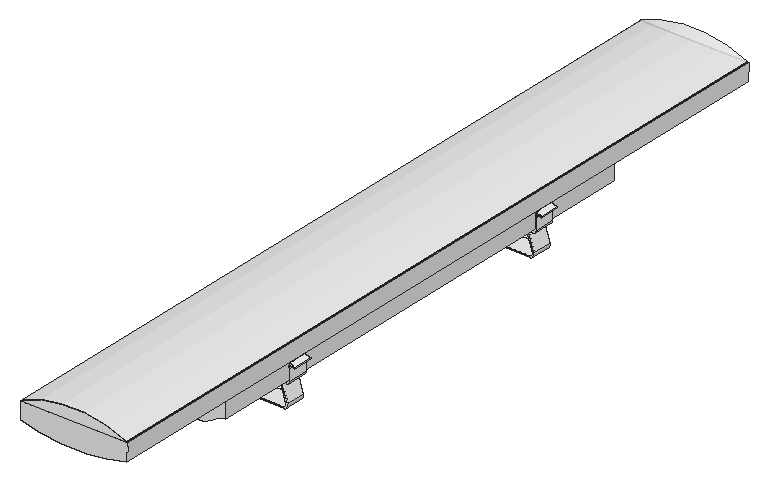
Revit family "Lighting-Industrial-GEWISS-SMART[3]e-WATERTIGHT-LED_OPAL_800mm", category Apparecchi per illuminazione, host Superficie, Revit 2019
Family settings
  Host = Superficie
  Quota connettore circolare = Usa diametro
  Tipo di parte = Normale
  Taglio con vuoti quando caricato = No
  Sorgente d'illuminazione = No
  Condiviso = No
  Punto di calcolo locali = Sì
Parameters (values of type "GWS3120EP840 - SMART3e 800 ON/OFF OPAL CRI80 4000K")
  visibilita etichetta [instance] = yes
  Wiring : = "Stand alone"
  Wiring = "With GW connect watertight connector"
  Warranty = "5 years"
  Version file RFA = "21.4"
  Unique digital code (Datamatrix) = "Datamatrix"
  Unified Glare Rating = "UGR < 25 (4H/8H)"
  URL = "https://www.gewiss.com/ww/en"
  Type of light source = "LED - Not replaceable"
  Tilt- = "With fixing bracket"
  Technical sheet = "https://www.gewiss.com/ww/en/search?q=GWS3120EP840"
  Supply voltage = "220 - 240 V"
  Struttura = GEWISS - SMART 3 - GRIGIO
  Stocking temperature = "-25 +80 °C"
  Standards and approvals = "-"
  Standard- = "EN60598-1; IEC 62778; IEC62471"
  Standard Deviation Colour Matching = "SDCM = 3"
  Stampa 1_200 = no
  Stampa 1_100 = not(Stampa 1_200)  # yes
  Shock resistance = "IK08"
  Shield type = "UV stabilised polycarbonate"
  Schermo. = Gewiss - Led Acceso
  Realized by GEWISS S.p.A. = ""
  Rated frequency (Hz) = "50/60 Hz"
  Default Elevation = 1219.2 mm
  Produttore = "GEWISS S.p.A."
  Photobiological Risk Class = "-"
  Overvoltage protection = "DM 1KV / CM 2KV"
  Optic and illuminating features = "-"
  Optic Maintenance = "Not available"
  Optic : = "Integrated in the screen"
  Optic = "Wide opal"
  Operating temperature : = "-25 +40 °C"
  Mouting and installation = "Ceiling - Wallmounting - Suspension"
  Modello = "GWS3120EP840"
  Maximum surface exposed to the wind : = "-"
  Materials = "-"
  Lunghezza Lampada = 800 mm  # constant formula
  Luminaire = "LED fixture for general lighting"
  Locking Hook = "-"
  Lifetime = "L80B20(Tq25°C)=90.000h - L80B20(Tq40°C)=50.000h"
  Lampada = "LED"
  LED Maintenance = "Not available"
  Insulation class = "II"
  Installationa and maintenance = "-"
  Immagine tipo = GWS3118P.jpg
  IPEA = "-"
  IP degree = "IP66/IP69"
  IFC.TypeObject = ""
  IFC.ExportType = ""
  IFC.ExportAs = ""
  IDT = "c14e9783-cfcd-4d50-ad03-d02503739214"
  IDF = "76292b3c-4f10-4a74-a7ee-aa3a8e861517"
  Glow Wire Test : = "850 °C"
  General information = "-"
  Gasket = "CNC deposited sealant"
  Ganci = GEWISS  - ALLUMINIO
  Spostamento_Y_effettivo_etichetta [instance] = 1500 mm
  Fixing = "Stainless steel support"
  External screw = "-"
  Eletrical and lighting features = "-"
  EAN code = ""
  Driver failure rate = "F10 = 90.000 h a Tq 25°C/F10= 50.000 h a Tq 40°C"
  Driver Box = "Built-in"
  Driver = "Included"
  Device with reduced surface temperature = "Yes"
  Descrizione = "SMART3e 800 ON/OFF OPAL CRI80 4000K"
  DIN 18032-3 certification = "Not available"
  Control System : = "ON / OFF"
  Control System = "Stand Alone - On / Off"
  Context = "Lighting of warehouses, indoor parking and industrial production rooms"
  Commenti sul wattaggio = "27W"
  Colour : = "RAL7035 colored PC paste"
  Colour = "Grey RAL 7035"
  Color Rendering Index = "CRI>80"
  Classification: = "-"
  Catalogue = "LIGHTING"
  Carico apparente = 27 VA
  COBie.Tagnumber = ""
  COBie.CreatedOn = ""
  COBie.CreatebBy = ""
  COBie.ComponentRegisterItemID = ""
  COBie.Component.TagNumber = ""
  COBie.Component.Space = ""
  COBie.Component.SerialNumber = ""
  COBie.Component.InstallationDate = ""
  COBie.Component.Description = ""
  COBie.Component.BarCode = ""
  Body = "Polycarbonate"
  Application = "Internal"
Types (2, lengths in mm): name | Technical sheet | Modello | IDT | Descrizione
  GWS3120EP840 - SMART3e 800 ON/OFF OPAL CRI80 4000K | "https://www.gewiss.com/ww/en/search?q=GWS3120EP840" | "GWS3120EP840" | "c14e9783-cfcd-4d50-ad03-d02503739214" | "SMART3e 800 ON/OFF OPAL CRI80 4000K"
  GWS3120EP857 - SMART3e 800 ON/OFF OPAL CRI80 5700K | "https://www.gewiss.com/ww/en/search?q=GWS3120EP857" | "GWS3120EP857" | "aacb2571-b371-41c2-97ea-b3311e31495e" | "SMART3e 800 ON/OFF OPAL CRI80 5700K"
Reference planes
  plane 1 "Centro (Fronte/Retro)": y = 0
  plane 2: z = 0
  plane 3 "Centro (Sinistra/Destra)": x = 0
  plane 4: x = -1500
  plane 5: y = -1500
  plane 6: y = 0
  plane 7: x = 0
Forms (mm)
  Extrusion 1, solid, material "GEWISS  - ALLUMINIO" <- "Ganci", detail levels medium+fine
    sketch origin (0, 0, 0) x (1, 0, 0) y (0, 0, 1)
      loop
        arc (31.431, -0.002) -> (34.576, 1.589) -> (35.156, 5.066) r 3.903
        line (35.156, 5.066) -> (29.612, 23.211)
        arc (29.612, 23.211) -> (29.883, 24.381) -> (31.032, 24.73) r 1.2
        line (31.032, 24.73) -> (34.307, 23.974)
        arc (34.307, 23.974) -> (36.765, 24.53) -> (37.859, 26.8) r 2.9
        line (37.859, 26.8) -> (37.859, 38.8)
        arc (37.859, 38.8) -> (37.648, 39.694) -> (37.059, 40.4) r 2
        line (37.059, 40.4) -> (37.059, 42.71) -> (42.889, 40.588) -> (43.231, 41.528) -> (37.53, 43.603)
        arc (37.53, 43.603) -> (37.019, 43.613) -> (36.605, 43.311) r 0.8
        line (36.605, 43.311) -> (36.306, 26.139)
        arc (36.306, 26.139) -> (35.6, 25.444) -> (34.616, 25.34) r 1.5
        line (34.616, 25.34) -> (31.344, 26.095)
        arc (31.344, 26.095) -> (28.858, 25.335) -> (28.273, 22.802) r 2.6
        line (28.273, 22.802) -> (33.827, 4.636)
        arc (33.827, 4.636) -> (33.449, 2.415) -> (31.438, 1.4) r 2.5
        line (31.438, 1.4) -> (-31.437, 1.4)
        arc (-31.437, 1.4) -> (-33.449, 2.415) -> (-33.827, 4.636) r 2.5
        line (-33.827, 4.636) -> (-28.273, 22.802)
        arc (-28.273, 22.802) -> (-28.858, 25.335) -> (-31.344, 26.095) r 2.6
        line (-31.344, 26.095) -> (-34.616, 25.34)
        arc (-34.616, 25.34) -> (-35.6, 25.444) -> (-36.306, 26.139) r 1.5
        line (-36.306, 26.139) -> (-36.605, 43.311)
        arc (-36.605, 43.311) -> (-37.019, 43.613) -> (-37.53, 43.603) r 0.8
        line (-37.53, 43.603) -> (-43.203, 41.538) -> (-42.861, 40.598) -> (-37.059, 42.71) -> (-37.059, 40.4)
        arc (-37.059, 40.4) -> (-37.648, 39.694) -> (-37.859, 38.8) r 2
        line (-37.859, 38.8) -> (-37.859, 26.8)
        arc (-37.859, 26.8) -> (-36.765, 24.53) -> (-34.307, 23.974) r 2.9
        line (-34.307, 23.974) -> (-31.032, 24.73)
        arc (-31.032, 24.73) -> (-29.883, 24.381) -> (-29.612, 23.211) r 1.2
        line (-29.612, 23.211) -> (-35.156, 5.066)
        arc (-35.156, 5.066) -> (-34.576, 1.589) -> (-31.431, -0.002) r 3.903
        line (-31.431, -0.002) -> (31.431, -0.002)
    from 148.766 to 168.766
  Extrusion 2, solid, material "GEWISS  - ALLUMINIO" <- "Ganci", detail levels medium+fine
    sketch origin (0, 0, 0) x (1, 0, 0) y (0, 0, -1)
      loop
        line (31.431, 0.002) -> (-31.431, 0.002)
        arc (-31.431, 0.002) -> (-34.576, -1.589) -> (-35.156, -5.066) r 3.903
        line (-35.156, -5.066) -> (-29.612, -23.211)
        arc (-29.612, -23.211) -> (-29.883, -24.381) -> (-31.032, -24.73) r 1.2
        line (-31.032, -24.73) -> (-34.307, -23.974)
        arc (-34.307, -23.974) -> (-36.765, -24.53) -> (-37.859, -26.8) r 2.9
        line (-37.859, -26.8) -> (-37.859, -38.8)
        arc (-37.859, -38.8) -> (-37.648, -39.694) -> (-37.059, -40.4) r 2
        line (-37.059, -40.4) -> (-37.059, -42.71) -> (-42.861, -40.598) -> (-43.203, -41.538) -> (-37.53, -43.603)
        arc (-37.53, -43.603) -> (-37.019, -43.613) -> (-36.605, -43.311) r 0.8
        line (-36.605, -43.311) -> (-36.306, -26.139)
        arc (-36.306, -26.139) -> (-35.6, -25.444) -> (-34.616, -25.34) r 1.5
        line (-34.616, -25.34) -> (-31.344, -26.095)
        arc (-31.344, -26.095) -> (-28.858, -25.335) -> (-28.273, -22.802) r 2.6
        line (-28.273, -22.802) -> (-33.827, -4.636)
        arc (-33.827, -4.636) -> (-33.449, -2.415) -> (-31.437, -1.4) r 2.5
        line (-31.437, -1.4) -> (31.438, -1.4)
        arc (31.438, -1.4) -> (33.449, -2.415) -> (33.827, -4.636) r 2.5
        line (33.827, -4.636) -> (28.273, -22.802)
        arc (28.273, -22.802) -> (28.858, -25.335) -> (31.344, -26.095) r 2.6
        line (31.344, -26.095) -> (34.616, -25.34)
        arc (34.616, -25.34) -> (35.6, -25.444) -> (36.306, -26.139) r 1.5
        line (36.306, -26.139) -> (36.605, -43.311)
        arc (36.605, -43.311) -> (37.019, -43.613) -> (37.53, -43.603) r 0.8
        line (37.53, -43.603) -> (43.203, -41.538) -> (42.861, -40.598) -> (37.059, -42.71) -> (37.059, -40.4)
        arc (37.059, -40.4) -> (37.648, -39.694) -> (37.859, -38.8) r 2
        line (37.859, -38.8) -> (37.859, -26.8)
        arc (37.859, -26.8) -> (36.765, -24.53) -> (34.307, -23.974) r 2.9
        line (34.307, -23.974) -> (31.032, -24.73)
        arc (31.032, -24.73) -> (29.883, -24.381) -> (29.612, -23.211) r 1.2
        line (29.612, -23.211) -> (35.156, -5.066)
        arc (35.156, -5.066) -> (34.576, -1.589) -> (31.431, 0.002) r 3.903
    from 148.766 to 168.766
  Extrusion 3, solid, material "GEWISS - SMART 3 - GRIGIO" <- "Struttura", detail levels medium+fine
    sketch origin (0, 0, 0) x (1, 0, 0) y (0, 0, 1)
      loop
        line (-36.331, 55.757) -> (-35.847, 28.018)
        arc (-35.847, 28.018) -> (-33.139, 27.27) -> (-30.416, 26.58) r 129.5
        arc (-30.416, 26.58) -> (-28.066, 25.76) -> (-25.915, 24.506) r 13
        arc (-25.915, 24.506) -> (-24.23, 23.324) -> (-22.521, 22.178) r 99.5
        arc (-22.521, 22.178) -> (-16.401, 19.063) -> (-9.748, 17.365) r 31.146
        line (-9.748, 17.365) -> (12.491, 17.365)
        arc (12.491, 17.365) -> (17.822, 19.098) -> (22.764, 21.745) r 31.646
        arc (22.764, 21.745) -> (24.509, 22.915) -> (26.228, 24.122) r 100
        arc (26.228, 24.122) -> (28.283, 25.313) -> (30.525, 26.095) r 12.5
        arc (30.525, 26.095) -> (33.437, 26.834) -> (36.332, 27.64) r 130
        line (36.332, 27.64) -> (36.824, 55.851)
        arc (36.824, 55.851) -> (24.914, 53.937) -> (12.909, 52.764) r 195.047
        line (12.909, 52.764) -> (-12.909, 52.764)
        arc (-12.909, 52.764) -> (-24.665, 53.905) -> (-36.331, 55.757) r 195.047
    from -250 to 250
  Extrusion 4, solid, material "GEWISS - SMART 3 - GRIGIO" <- "Struttura", detail levels medium+fine
    sketch origin (0, 0, 0) x (1, 0, 0) y (0, 0, 1)
      loop
        line (54.725, 60.184) -> (55.177, 77.445) -> (-55.177, 77.445) -> (-54.725, 60.184)
        arc (-54.725, 60.184) -> (-34.019, 55.332) -> (-12.909, 52.764) r 195.047
        line (-12.909, 52.764) -> (12.909, 52.764)
        arc (12.909, 52.764) -> (34.019, 55.332) -> (54.725, 60.184) r 195.047
    from -400 to 400
  Extrusion 5, solid, material "Gewiss - Led Acceso" <- "Schermo.", detail levels medium+fine
    sketch origin (0, 0, 0) x (1, 0, 0) y (0, 0, 1)
      loop
        arc (54.697, 78.441) -> (-0.014, 90.457) -> (-54.723, 78.429) r 130.5
        arc (-54.723, 78.429) -> (-54.988, 77.838) -> (-54.5, 77.445) r 0.5
        line (-54.5, 77.445) -> (54.479, 77.445)
        arc (54.479, 77.445) -> (54.988, 77.855) -> (54.697, 78.441) r 0.522
    from -400 to 400
  Extrusion 6, solid, material "GEWISS - SMART 3 - GRIGIO" <- "Struttura", detail levels coarse
    sketch origin (0, 0, 0) x (1, 0, 0) y (0, 0, 1)
      loop
        line (-54.5, 90.439) -> (-54.5, 0) -> (54.5, 0) -> (54.5, 90.439) -> (-54.5, 90.439)
    from -400 to 400
Lines and regions (mm)
  Masking region 1
    outline origin (0, 0, 0) x (1, 0, 0) y (0, 1, 0)
      loop
        line (-55.177, 400) -> (-55.177, -400) -> (55.177, -400) -> (55.177, 400) -> (-55.177, 400)
  model lines, style "GEWISS - LIGHT 2D", not visible
    curve 1: arc (658.224, 441.447, 0) -> (657.902, 441.529, 0) -> (657.571, 441.558, 0) r 1.999
    curve 2: arc (659.744, 439.503, 0) -> (659.172, 440.906, 0) -> (657.781, 441.505, 0) r 1.998
    curve 3: arc (549.391, -356.494, 0) -> (549.963, -357.897, 0) -> (551.356, -358.495, 0) r 1.998
    curve 4: arc (657.744, -358.495, 0) -> (659.181, -357.627, 0) -> (659.745, -356.046, 0) r 2.5
    curve 5: arc (551.891, 441.558, 0) -> (550.123, 440.825, 0) -> (549.391, 439.058, 0) r 2.5
    curve 6: line (657.571, 441.558, 0) -> (604.567, 441.558, 0)
    curve 7: line (604.567, 441.558, 0) -> (551.891, 441.558, 0)
    curve 8: line (551.356, -358.495, 0) -> (604.568, -358.495, 0)
    curve 9: line (604.568, -358.495, 0) -> (657.744, -358.495, 0)
    curve 10: line (659.745, -356.046, 0) -> (659.745, 439.503, 0)
    curve 11: line (657.781, 441.505, 0) -> (604.567, 441.505, 0)
    curve 12: line (549.391, -356.494, 0) -> (549.391, 439.058, 0)
    curve 13: line (604.569, 276.529, 0) -> (604.569, -193.52, 0)
  symbolic lines
    curve 14: line (0, 348.766, 0) -> (0, -351.234, 0)
Dimensions and locks
  plane 4 to plane 3 "Centro (Sinistra/Destra)" = 1500 mm
  plane 5 to plane 1 "Centro (Fronte/Retro)" = 1500 mm
  "Spostamento_Y_effettivo_etichetta": plane 6 to plane 5
  plane 4 to plane 7 = 1500 mm
  aligned and locked: plane 2 to host face
  aligned and locked: level to host face
  aligned and locked: Masking region 1 sketch curve to Extrusion 4  (x4)
  aligned and locked: nested 1 to plane 6
  aligned and locked: nested 1 to plane 7
  aligned and locked: curve 14 to plane 7
Automatic sketch dimensions
  host sketch curve to host sketch curve = 2438.4 mm  (x2)
  Extrusion 1 sketch curve to Extrusion 1 sketch curve = 0 mm  (x28)
  Extrusion 1 sketch curve to plane 3 "Centro (Sinistra/Destra)" = 43.203 mm
  level to Extrusion 1 sketch curve = 40.598 mm
  Extrusion 1 sketch curve to Extrusion 1 sketch curve = 0.342 mm  (x2)
  Extrusion 1 sketch curve to Extrusion 1 sketch curve = 5.002 mm
  Extrusion 1 sketch curve to Extrusion 1 sketch curve = 0.329 mm
  Extrusion 1 sketch curve to Extrusion 1 sketch curve = 0.271 mm  (x2)
  Extrusion 1 sketch curve to Extrusion 1 sketch curve = 0.8 mm  (x2)
  Extrusion 1 sketch curve to Extrusion 1 sketch curve = 0.454 mm  (x2)
  Extrusion 1 sketch curve to Extrusion 1 sketch curve = 1.554 mm
  Extrusion 1 sketch curve to Extrusion 1 sketch curve = 2 mm
  level to Extrusion 1 sketch curve = 5.066 mm  (x2)
  Extrusion 1 sketch curve to Extrusion 1 sketch curve = 1.15 mm
  Extrusion 1 sketch curve to Extrusion 1 sketch curve = 1.346 mm  (x2)
  Extrusion 1 sketch curve to Extrusion 1 sketch curve = 0.343 mm  (x2)
  level to Extrusion 1 sketch curve = 4.636 mm  (x2)
  Extrusion 1 sketch curve to Extrusion 1 sketch curve = 1.329 mm  (x2)
  level to Extrusion 1 sketch curve = 1.4 mm
  Extrusion 1 sketch curve to Extrusion 1 sketch curve = 2.389 mm  (x2)
  Extrusion 1 sketch curve to Extrusion 1 sketch curve = 0.007 mm  (x2)
  Extrusion 1 sketch curve to Extrusion 1 sketch curve = 3.584 mm  (x2)
  Extrusion 1 sketch curve to Extrusion 1 sketch curve = 0.273 mm  (x2)
  plane 3 "Centro (Sinistra/Destra)" to Extrusion 1 sketch curve = 30.759 mm
  Extrusion 1 sketch curve to level = 0.002 mm
  Extrusion 1 sketch curve to Extrusion 1 sketch curve = 0.672 mm
  Extrusion 1 sketch curve to Extrusion 1 sketch curve = 0.9 mm
  level to Extrusion 1 sketch curve = 26.139 mm
  Extrusion 1 sketch curve to Extrusion 1 sketch curve = 0.746 mm
  Extrusion 1 sketch curve to Extrusion 1 sketch curve = 0.2 mm
  Extrusion 1 sketch curve to Extrusion 1 sketch curve = 5.029 mm
  Extrusion 1 sketch curve to Extrusion 1 sketch curve = 2.577 mm
  Extrusion 1 sketch curve to Extrusion 1 sketch curve = 18.496 mm
  Extrusion 1 sketch curve to Extrusion 1 sketch curve = 1.169 mm  (x2)
  Extrusion 1 sketch curve to Extrusion 1 sketch curve = 0.609 mm
  Extrusion 1 sketch curve to Extrusion 1 sketch curve = 0.799 mm  (x2)
  Extrusion 1 sketch curve to Extrusion 1 sketch curve = 1.798 mm
  Extrusion 1 sketch curve to Extrusion 1 sketch curve = 12 mm
  Extrusion 1 sketch curve to Extrusion 1 sketch curve = 1.788 mm
  Extrusion 1 sketch curve to Extrusion 1 sketch curve = 0.94 mm  (x2)
  Extrusion 1 sketch curve to Extrusion 1 sketch curve = 0.14 mm  (x2)
  Extrusion 1 sketch curve to Extrusion 1 sketch curve = 0.309 mm  (x2)
  Extrusion 1 sketch curve to Extrusion 1 sketch curve = 0.312 mm  (x2)
  Extrusion 1 sketch curve to Extrusion 1 sketch curve = 1.148 mm  (x2)
  Extrusion 1 sketch curve to Extrusion 1 sketch curve = 1.339 mm
  Extrusion 1 sketch curve to Extrusion 1 sketch curve = 2.486 mm
  Extrusion 1 sketch curve to Extrusion 1 sketch curve = 0.409 mm  (x2)
  Extrusion 2 sketch curve to Extrusion 2 sketch curve = 0 mm  (x28)
  Extrusion 2 sketch curve to plane 3 "Centro (Sinistra/Destra)" = 43.203 mm
  level to Extrusion 2 sketch curve = 40.598 mm
  Extrusion 2 sketch curve to Extrusion 2 sketch curve = 0.342 mm  (x2)
  Extrusion 2 sketch curve to Extrusion 2 sketch curve = 5.002 mm  (x2)
  Extrusion 2 sketch curve to Extrusion 2 sketch curve = 0.329 mm
  Extrusion 2 sketch curve to Extrusion 2 sketch curve = 0.271 mm  (x2)
  Extrusion 2 sketch curve to Extrusion 2 sketch curve = 0.8 mm  (x2)
  Extrusion 2 sketch curve to Extrusion 2 sketch curve = 0.454 mm  (x2)
  Extrusion 2 sketch curve to Extrusion 2 sketch curve = 1.554 mm
  Extrusion 2 sketch curve to Extrusion 2 sketch curve = 2 mm
  level to Extrusion 2 sketch curve = 5.066 mm  (x2)
  Extrusion 2 sketch curve to Extrusion 2 sketch curve = 1.15 mm
  Extrusion 2 sketch curve to Extrusion 2 sketch curve = 1.346 mm  (x2)
  Extrusion 2 sketch curve to Extrusion 2 sketch curve = 0.343 mm  (x2)
  level to Extrusion 2 sketch curve = 4.636 mm  (x2)
  Extrusion 2 sketch curve to Extrusion 2 sketch curve = 1.329 mm  (x2)
  level to Extrusion 2 sketch curve = 1.4 mm
  Extrusion 2 sketch curve to Extrusion 2 sketch curve = 2.389 mm  (x2)
  Extrusion 2 sketch curve to Extrusion 2 sketch curve = 0.007 mm  (x2)
  Extrusion 2 sketch curve to Extrusion 2 sketch curve = 3.584 mm  (x2)
  Extrusion 2 sketch curve to Extrusion 2 sketch curve = 0.273 mm  (x2)
  plane 3 "Centro (Sinistra/Destra)" to Extrusion 2 sketch curve = 30.759 mm
  Extrusion 2 sketch curve to level = 0.002 mm
  Extrusion 2 sketch curve to Extrusion 2 sketch curve = 0.672 mm
  Extrusion 2 sketch curve to Extrusion 2 sketch curve = 0.9 mm
  level to Extrusion 2 sketch curve = 26.139 mm
  Extrusion 2 sketch curve to Extrusion 2 sketch curve = 0.746 mm
  Extrusion 2 sketch curve to Extrusion 2 sketch curve = 0.2 mm
  Extrusion 2 sketch curve to Extrusion 2 sketch curve = 14.46 mm
  Extrusion 2 sketch curve to Extrusion 2 sketch curve = 0.94 mm  (x2)
  Extrusion 2 sketch curve to Extrusion 2 sketch curve = 0.14 mm  (x2)
  Extrusion 2 sketch curve to Extrusion 2 sketch curve = 2.31 mm  (x2)
  Extrusion 2 sketch curve to Extrusion 2 sketch curve = 12 mm
  Extrusion 2 sketch curve to Extrusion 2 sketch curve = 0.661 mm  (x2)
  Extrusion 2 sketch curve to Extrusion 2 sketch curve = 0.609 mm  (x2)
  Extrusion 2 sketch curve to Extrusion 2 sketch curve = 1.169 mm  (x2)
  Extrusion 2 sketch curve to Extrusion 2 sketch curve = 0.309 mm  (x2)
  Extrusion 2 sketch curve to Extrusion 2 sketch curve = 0.312 mm  (x2)
  Extrusion 2 sketch curve to Extrusion 2 sketch curve = 1.148 mm  (x2)
  Extrusion 2 sketch curve to Extrusion 2 sketch curve = 1.339 mm
  Extrusion 2 sketch curve to Extrusion 2 sketch curve = 2.486 mm
  Extrusion 2 sketch curve to Extrusion 2 sketch curve = 1.365 mm  (x2)
  Extrusion 3 sketch curve to plane 3 "Centro (Sinistra/Destra)" = 36.331 mm
  Extrusion 3 sketch curve to Extrusion 3 sketch curve = 0.484 mm
  Extrusion 3 sketch curve to Extrusion 3 sketch curve = 2.34 mm
  Extrusion 3 sketch curve to plane 3 "Centro (Sinistra/Destra)" = 32.068 mm
  Extrusion 3 sketch curve to plane 3 "Centro (Sinistra/Destra)" = 12.909 mm
  Extrusion 3 sketch curve to plane 3 "Centro (Sinistra/Destra)" = 9.748 mm
  Extrusion 3 sketch curve to plane 3 "Centro (Sinistra/Destra)" = 5.421 mm
  Extrusion 3 sketch curve to plane 3 "Centro (Sinistra/Destra)" = 0.057 mm
  Extrusion 3 sketch curve to plane 3 "Centro (Sinistra/Destra)" = 0.007 mm
  Extrusion 3 sketch curve to plane 3 "Centro (Sinistra/Destra)" = 0.001 mm
  plane 3 "Centro (Sinistra/Destra)" to Extrusion 3 sketch curve = 0.057 mm
  plane 3 "Centro (Sinistra/Destra)" to Extrusion 3 sketch curve = 5.412 mm
  plane 3 "Centro (Sinistra/Destra)" to Extrusion 3 sketch curve = 12.491 mm
  Extrusion 3 sketch curve to Extrusion 3 sketch curve = 7.496 mm
  plane 3 "Centro (Sinistra/Destra)" to Extrusion 3 sketch curve = 32.059 mm
  Extrusion 3 sketch curve to Extrusion 3 sketch curve = 21.008 mm
  Extrusion 3 sketch curve to Extrusion 3 sketch curve = 2.833 mm
  Extrusion 3 sketch curve to Extrusion 3 sketch curve = 23.916 mm
  level to Extrusion 3 sketch curve = 13.953 mm  (x2)
  level to Extrusion 3 sketch curve = 17.365 mm  (x2)
  Extrusion 3 sketch curve to Extrusion 3 sketch curve = 13.687 mm
  Extrusion 3 sketch curve to Extrusion 3 sketch curve = 14.064 mm
  Extrusion 3 sketch curve to Extrusion 3 sketch curve = 30.844 mm
  Extrusion 3 sketch curve to Extrusion 3 sketch curve = 0 mm  (x3)
  Extrusion 3 sketch curve to Extrusion 3 sketch curve = 4.555 mm
  Extrusion 3 sketch curve to Extrusion 3 sketch curve = 2.993 mm
  Extrusion 3 sketch curve to Extrusion 3 sketch curve = 3.087 mm
  Extrusion 3 sketch curve to Extrusion 3 sketch curve = 49.52 mm
  Extrusion 3 sketch curve to Extrusion 3 sketch curve = 49.615 mm
  Extrusion 3 sketch curve to Extrusion 3 sketch curve = 47.089 mm
  Extrusion 3 sketch curve to Extrusion 3 sketch curve = 5.431 mm
  Extrusion 3 sketch curve to Extrusion 3 sketch curve = 4.5 mm
  Extrusion 3 sketch curve to Extrusion 3 sketch curve = 10.273 mm
  Extrusion 3 sketch curve to Extrusion 3 sketch curve = 3.465 mm
  Extrusion 3 sketch curve to Extrusion 3 sketch curve = 4.297 mm
  Extrusion 4 sketch curve to plane 3 "Centro (Sinistra/Destra)" = 55.177 mm
  Extrusion 4 sketch curve to Extrusion 4 sketch curve = 0.452 mm  (x2)
  Extrusion 4 sketch curve to plane 3 "Centro (Sinistra/Destra)" = 12.909 mm
  Extrusion 4 sketch curve to plane 3 "Centro (Sinistra/Destra)" = 0.057 mm
  plane 3 "Centro (Sinistra/Destra)" to Extrusion 4 sketch curve = 0.057 mm
  plane 3 "Centro (Sinistra/Destra)" to Extrusion 4 sketch curve = 12.909 mm
  Extrusion 4 sketch curve to Extrusion 4 sketch curve = 41.816 mm
  level to Extrusion 4 sketch curve = 52.764 mm
  Extrusion 4 sketch curve to Extrusion 4 sketch curve = 7.42 mm  (x2)
  Extrusion 4 sketch curve to Extrusion 4 sketch curve = 17.262 mm
  Extrusion 5 sketch curve to plane 3 "Centro (Sinistra/Destra)" = 0 mm
  Extrusion 5 sketch curve to plane 3 "Centro (Sinistra/Destra)" = 54.5 mm
  plane 3 "Centro (Sinistra/Destra)" to Extrusion 5 sketch curve = 54.479 mm
  Extrusion 5 sketch curve to level = 40.043 mm
  level to Extrusion 5 sketch curve = 77.445 mm
  Extrusion 5 sketch curve to Extrusion 5 sketch curve = 0.5 mm
  Extrusion 5 sketch curve to Extrusion 5 sketch curve = 0.522 mm
  Extrusion 5 sketch curve to Extrusion 5 sketch curve = 0.21 mm
  Extrusion 5 sketch curve to Extrusion 5 sketch curve = 0.014 mm
  Extrusion 5 sketch curve to Extrusion 5 sketch curve = 0 mm
  Extrusion 6 sketch curve to level = 0 mm
  Extrusion 6 sketch curve to plane 3 "Centro (Sinistra/Destra)" = 54.5 mm
  plane 3 "Centro (Sinistra/Destra)" to Extrusion 6 sketch curve = 54.5 mm
  Extrusion 6 sketch curve to Extrusion 6 sketch curve = 90.439 mm
  plane 1 "Centro (Fronte/Retro)" to curve 14 = 351.234 mm
  curve 14 to plane 1 "Centro (Fronte/Retro)" = 348.766 mm
Nested families
  nested 1: "ETICHETTA WATTAGGIO" at (0, 0, 0), visible <- "visibilita etichetta", type "ETICHETTA WATTAGGIO"
Connectors
  electrical at (0, 0, 0), driven by "Carico apparente"
    settings: on Masking region 1, index 1, voltage 230 V, apparent load 0 VA, apparent load phase1 27 VA, apparent load phase2 0 VA, apparent load phase3 0 VA, power factor 1, load classification "Illuminazione", number of poles 2, system type 31, power factor state 1, is connector primary yes, connector utility no, sub classification motor no, connector description ""
Definition of nested family "ETICHETTA WATTAGGIO"
  Parameters (values of type "ETICHETTA WATTAGGIO")
    GW - Potenza di sistema = ""
    GW - Numero LED = ""
    COMMENTI = "13W"
    1_200 = no
    1_100 = yes
  Reference planes
    plane 1: y = 0
    plane 2: x = 0
  Text (mm)
    label "GW - Potenza di sistema\nGW - Numero LED LED" at (-0.057, -0.214, 0), shows "GW - Potenza di sistema", "GW - Numero LED", visible <- "1_100"
    label "GW - Potenza di sistema\nGW - Numero LED LED " at (-0.057, -0.214, 0), shows "GW - Potenza di sistema", "GW - Numero LED", visible <- "1_200"
